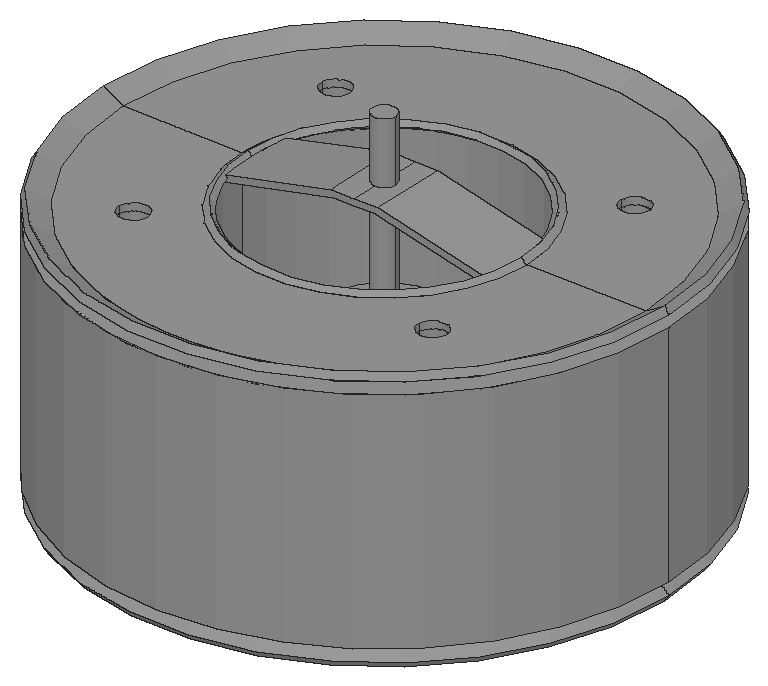
Revit family "BV1250", category Plumbing Fixtures, Revit 2013
Parameters (values of type "BV1250-4'")
  material = Neoprine seat
  Upper = Pipe size / 7.5  # 0' - 3.19524"
  URL = "www.mifab.com"
  Thickness of Pepe size = Pipe size * 0.5  # 0' - 11.98214"
  Thickness 2 = Thickness of Pepe size * 0.9  # 0' - 10.78393"
  Screw Hole = Pipe size * 0.04  # 0' - 0.95857"
  Pipe size = 1' - 11.96428"
  Model = "BV1250"
  Manufacturer = "Mifab"
  Keynote = ""
  Inner = Thickness of Pepe size * 0.4  # 0' - 4.79286"
  Heright 1 = Height * 0.6  # 0' - 11.50286"
  Height 4 = Height * 1.4  # 2' - 2.84"
  Height 3 = Height 2 * 0.7  # 0' - 5.368"
  Height 2 = Height * 0.4  # 0' - 7.66857"
  Height = Pipe size * 0.8  # 1' - 7.17143"
  HOLES 3 = Pipe size * 0.05  # 0' - 1.19821"
  HOLES 2 = Pipe size / 1.9  # 1' - 0.61278"
  HOLES 1 = Pipe size / 2.25  # 0' - 10.65079"
  Description = "Brass backwater valve with neoprene seat"
  Body Material = Brass
Types (4): name | Upper | Thickness of Pepe size | Thickness 2 | Screw Hole | Pipe size | Inner | Heright 1 | Height 4 | Height 3 | Height 2 | Height | HOLES 3 | HOLES 2 | HOLES 1
  (no name) | 0' - 3.19524" | 0' - 11.98214" | 0' - 10.78393" | 0' - 0.95857" | 1' - 11.96428" | 0' - 4.79286" | 0' - 11.50286" | 2' - 2.84" | 0' - 5.368" | 0' - 7.66857" | 1' - 7.17143" | 0' - 1.19821" | 1' - 0.61278" | 0' - 10.65079"
  BV1250-2' | 0' - 1.6" | 0' - 6" | 0' - 5.4" | 0' - 0.48" | 1' - 0" | 0' - 2.4" | 0' - 5.76" | 1' - 1.44" | 0' - 2.688" | 0' - 3.84" | 0' - 9.6" | 0' - 0.6" | 0' - 6.31579" | 0' - 5.33333"
  BV1250-3' | 0' - 2.4" | 0' - 9" | 0' - 8.1" | 0' - 0.72" | 1' - 6" | 0' - 3.6" | 0' - 8.64" | 1' - 8.16" | 0' - 4.032" | 0' - 5.76" | 1' - 2.4" | 0' - 0.9" | 0' - 9.47368" | 0' - 8"
  BV1250-4' | 0' - 3.19524" | 0' - 11.98214" | 0' - 10.78393" | 0' - 0.95857" | 1' - 11.96428" | 0' - 4.79286" | 0' - 11.50286" | 2' - 2.84" | 0' - 5.368" | 0' - 7.66857" | 1' - 7.17143" | 0' - 1.19821" | 1' - 0.61278" | 0' - 10.65079"
Reference planes (in)
  plane 1 "Center (Front/Back)": y = 0
  plane 2: z = 0
  plane 3 "Center (Left/Right)": x = 0
  plane 4: y = 10.78393
  plane 5: z = -7.66857
  plane 6: y = 4.79286
  plane 7: z = -13.03657
  plane 8: y = 11.98214
  plane 9: z = -19.17143
  plane 10: x = 11.98214
  plane 11: x = 23.96428
  plane 12: x = 11.98214
  plane 13: x = -11.98214
  plane 14: y = 10.65079
  plane 15: x = 12.61278
  plane 16: y = -10.65079
  plane 17: x = 12.61278
  plane 18: y = 10.65079
  plane 19: x = -12.61278
  plane 20: y = -10.65079
  plane 21: x = -12.61278
Forms (in)
  Extrusion 1, solid, material "Neoprine seat" <- "material"
    sketch origin (0.19311, 0, 0) x (1, 0, 0) y (0, 1, 0)
      loop
        circle (-0.19311, 0) r 23.96428
      loop
        circle (-0.19311, 0) r 11.98214
    from 0 to -19.17143
  Revolve 2, solid, material "Brass" <- "Body Material"
    sketch origin (0, 0, 0) x (1, 0, 0) y (0, 0, 1)
      loop
        line (11.98214, 0) -> (22.23223, 0) -> (23.96428, 1) -> (23.64151, 1.55907) -> (21.98306, 0.60156) -> (12, 0.60156) -> (11.4956, 0.92656) -> (11.11844, 0.55131) -> (11.98214, 0)
      axis (0, 1.55907) -> (0, 0)
    angle from 0 to 360
  Revolve 3, solid, material "Neoprine seat" <- "material"
    sketch origin (0, 0, 0) x (0, 1, 0) y (0, 0, 1)
      loop
        line (0, -26.84) -> (11.98214, -26.84) -> (11.98214, -19.77143) -> (10.78393, -19.17143) -> (10.78393, -13.03657) -> (4.79286, -7.66857) -> (0, -7.66857) -> (0, -26.84)
      axis (0, -7.66857) -> (0, -26.84)
    angle from 0 to 360
  Revolve 4, solid, material "Brass" <- "Body Material"
    sketch origin (0, 0, 0) x (1, 0, 0) y (0, 0, 1)
      loop
        line (11.1148, -16.71907) -> (10.72661, -17.10726) -> (11.35802, -19.30925)
        arc (11.35802, -19.30925) -> (11.53774, -19.57074) -> (11.83865, -19.67143) r 0.5
        line (11.83865, -19.67143) -> (22.58777, -19.67143) -> (23.61392, -20.69758) -> (23.96428, -20.1972) -> (22.93851, -19.17143) -> (11.96876, -19.17143)
        arc (11.96876, -19.17143) -> (11.84836, -19.13114) -> (11.77645, -19.02651) r 0.20006
        line (11.77645, -19.02651) -> (11.1148, -16.71907)
      axis (0, -16.71907) -> (0, -20.69758)
    angle from 0 to 360
  Extrusion 5, solid, material "Brass" <- "Body Material"
    sketch origin (0, 0, 0) x (1, 0, 0) y (0, 0, 1)
      loop
        line (11.33588, 0.60156) -> (1.98782, 2.74904) -> (0, 2.74904) -> (-1.98782, 2.74904) -> (-11.33588, 0.60156) -> (-11.98214, 0.60156) -> (-11.98214, 0.14496) -> (-10.95709, 0.14496) -> (-1.67705, 2.24904) -> (0, 2.24904) -> (1.67705, 2.24904) -> (10.95709, 0.14496) -> (11.98214, 0.14496) -> (11.98214, 0.60156) -> (11.33588, 0.60156)
    from -3.19524 to 3.19524
  Extrusion 6, void
    sketch origin (0, 0, 0) x (1, 0, 0) y (0, 1, 0)
      loop
        circle (12.61278, 10.65079) r 1.19821
      loop
        circle (12.61278, -10.65079) r 1.19821
      loop
        circle (-12.61278, 10.65079) r 1.19821
      loop
        circle (-12.61278, -10.65079) r 1.19821
    from -13.44 to 12
  Extrusion 7, solid, material "Brass" <- "Body Material"
    sketch origin (0, 0, 0) x (1, 0, 0) y (0, 1, 0)
      loop
        circle (0, 0) r 0.95857
    from -7.66857 to 7.8813
Cuts and joins
  Extrusion 6 cuts Revolve 2
  joined: Revolve 2, Extrusion 5, Extrusion 7
  Extrusion 6 cuts Revolve 4
  Extrusion 6 cuts Extrusion 1
Dimensions and locks (in)
  "Height": Extrusion 1 to level
  "Thickness of Pepe size": Revolve 2 sketch curve to plane 3 "Center (Left/Right)"
  "Pipe size": Revolve 2 sketch curve to plane 3 "Center (Left/Right)"
  locked: Revolve 2 sketch curve to Revolve 2 sketch curve at 0.60156
  locked: Revolve 2 sketch curve to Revolve 2 sketch curve at 1
  "Height 2": level to plane 5
  "Inner": plane 1 "Center (Front/Back)" to plane 6
  "Height 3": plane 5 to plane 7
  "Thickness 2": plane 1 "Center (Front/Back)" to plane 4
  "Thickness of Pepe size": plane 1 "Center (Front/Back)" to plane 8
  "Height 4": level to Revolve 3 sketch curve
  "Height": level to plane 9
  locked: Revolve 4 sketch curve to plane 9 at 2.45236
  locked: plane 9 to Revolve 4 sketch curve at 0.5
  "Thickness of Pepe size": plane 10 to plane 3 "Center (Left/Right)"
  "Pipe size": plane 11 to plane 3 "Center (Left/Right)"
  "Upper": Extrusion 5 to plane 1 "Center (Front/Back)"  (x2)
  "Thickness of Pepe size": plane 3 "Center (Left/Right)" to plane 12
  "Thickness of Pepe size": plane 3 "Center (Left/Right)" to plane 13
  "HOLES 1": plane 14 to plane 1 "Center (Front/Back)"
  "HOLES 2": plane 3 "Center (Left/Right)" to plane 15
  "HOLES 1": plane 16 to plane 1 "Center (Front/Back)"
  "HOLES 2": plane 3 "Center (Left/Right)" to plane 17
  "HOLES 1": plane 18 to plane 1 "Center (Front/Back)"
  "HOLES 2": plane 3 "Center (Left/Right)" to plane 19
  "HOLES 1": plane 20 to plane 1 "Center (Front/Back)"
  "HOLES 2": plane 3 "Center (Left/Right)" to plane 21
  "Pipe size": radius of Extrusion 1 sketch curve
  "Thickness of Pepe size": radius of Extrusion 1 sketch curve
  "HOLES 3": radius of Extrusion 6 sketch curve  (x4)
  "Screw Hole": radius of Extrusion 7 sketch curve
  locked: Extrusion 1 to Revolve 2 sketch curve (angle 147.449°)
  aligned and locked: level to plane 2
  aligned and locked: plane 1 "Center (Front/Back)" to Extrusion 1 sketch curve
  aligned and locked: Revolve 2 sketch curve to level
  aligned and locked: Revolve 2 sketch curve to plane 3 "Center (Left/Right)"
  aligned and locked: Revolve 3 sketch curve to plane 1 "Center (Front/Back)"
  aligned and locked: plane 1 "Center (Front/Back)" to Revolve 3 sketch curve
  aligned and locked: Revolve 3 sketch curve to plane 5
  aligned and locked: plane 4 to Revolve 3 sketch curve
  aligned and locked: Revolve 3 sketch curve to Extrusion 1
  aligned and locked: Extrusion 1 to Revolve 4 sketch curve
  aligned and locked: Revolve 4 sketch curve to plane 3 "Center (Left/Right)"
  aligned and locked: Extrusion 5 sketch curve to plane 12
  aligned and locked: plane 13 to Extrusion 5 sketch curve
  aligned and locked: plane 14 to Extrusion 6 sketch curve
  aligned and locked: Extrusion 6 sketch curve to plane 16
  aligned and locked: Extrusion 6 sketch curve to plane 18
  aligned and locked: plane 20 to Extrusion 6 sketch curve
  aligned and locked: plane 3 "Center (Left/Right)" to Extrusion 7 sketch curve
  aligned and locked: plane 1 "Center (Front/Back)" to Extrusion 7 sketch curve
  aligned and locked: Extrusion 7 to Revolve 3
Automatic sketch dimensions
  Extrusion 1 sketch curve to Extrusion 1 sketch curve = 0' - 0"  (x2)
  Extrusion 1 sketch curve to plane 3 "Center (Left/Right)" = 0' - 0"
  level to Revolve 2 sketch curve = 0' - 0.55131"
  level to Revolve 2 sketch curve = 0' - 0.92656"
  Revolve 2 sketch curve to Revolve 2 sketch curve = 0' - 0.5044"
  Revolve 2 sketch curve to Revolve 2 sketch curve = 0' - 1.98123"
  Revolve 2 sketch curve to Revolve 2 sketch curve = 0' - 0.24918"
  level to Revolve 2 sketch curve = 0' - 1.55907"
  Revolve 2 sketch curve to level = 0' - 10 83/128"
  level to Revolve 2 sketch curve = 0' - 6 109/128"
  Revolve 3 sketch curve to plane 6 = 0' - 0"
  Revolve 3 sketch curve to plane 8 = 0' - 0"
  Revolve 3 sketch curve to plane 7 = 0' - 0"
  Revolve 3 sketch curve to Revolve 3 sketch curve = 0' - 0.6"
  Revolve 3 sketch curve to Revolve 3 sketch curve = 0' - 3.56"
  level to Revolve 3 sketch curve = 0' - 4"
  Revolve 4 sketch curve to plane 11 = 0' - 0"
  Revolve 4 sketch curve to plane 11 = 0' - 0.35036"
  Revolve 4 sketch curve to plane 9 = 0' - 1.52615"
  Revolve 4 sketch curve to plane 9 = 0' - 0"
  Revolve 4 sketch curve to plane 11 = 0' - 1.02578"
  Revolve 4 sketch curve to Revolve 4 sketch curve = 0' - 0.35074"
  Revolve 4 sketch curve to plane 10 = 0' - 0.01338"
  Revolve 4 sketch curve to plane 10 = 0' - 0.14349"
  plane 9 to Revolve 4 sketch curve = 0' - 0.14492"
  Revolve 4 sketch curve to Revolve 4 sketch curve = 0' - 0.0622"
  Revolve 4 sketch curve to plane 9 = 0' - 0.13782"
  Revolve 4 sketch curve to plane 10 = 0' - 0.86734"
  Revolve 4 sketch curve to Revolve 4 sketch curve = 0' - 0.38819"  (x2)
  Revolve 4 sketch curve to Revolve 4 sketch curve = 0' - 0.50037"
  Revolve 4 sketch curve to plane 9 = 1' - 3"
  level to Revolve 4 sketch curve = 0' - 5.82857"
  Extrusion 5 sketch curve to plane 3 "Center (Left/Right)" = 0' - 0"  (x2)
  level to Extrusion 5 sketch curve = 0' - 0.14496"  (x2)
  Extrusion 5 sketch curve to Extrusion 5 sketch curve = 0' - 0.64626"
  Extrusion 5 sketch curve to Extrusion 5 sketch curve = 0' - 0.37879"  (x2)
  Extrusion 5 sketch curve to Extrusion 5 sketch curve = 0' - 1.98782"
  Extrusion 5 sketch curve to Extrusion 5 sketch curve = 0' - 0.31077"  (x2)
  plane 3 "Center (Left/Right)" to Extrusion 5 sketch curve = 0' - 1.67705"
  plane 12 to Extrusion 5 sketch curve = 0' - 1.02505"
  Extrusion 5 sketch curve to Extrusion 5 sketch curve = 0' - 0.4566"  (x2)
  level to Extrusion 5 sketch curve = 0' - 2.24904"
  Extrusion 5 sketch curve to Extrusion 5 sketch curve = 0' - 0 1/2"
  Extrusion 6 sketch curve to plane 19 = 0' - 0"  (x2)
  Extrusion 6 sketch curve to plane 15 = 0' - 0"  (x2)
